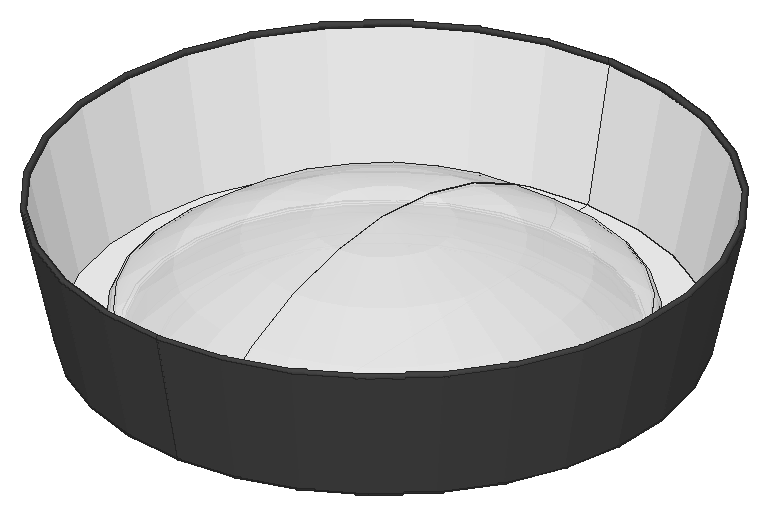
Revit family "AFX_Inc-Duncan-20_In-Ceiling_Light-", category Lighting Fixtures, host Face, Revit 2016
Family settings
  Host = Face
  Part Type = Normal
  Round Connector Dimension = Use Diameter
  Cut with Voids When Loaded = No
  Light Source = Yes
  Shared = No
  Room Calculation Point = No
Parameters (values of type "DUNF - 20DUNF20LAJUDBKGD")
  Wattage Comments = "1 x 40W Integrated LED"
  Wattage = 9.2903 W
  built-in parameter 1150110 = 1 (stored number, unit not read)
  Voltage = 120 V
  URL = "www.afxinc.com"
  Type Comments = "Watson"  # constant formula
  Total Wattage = 40 W
  Total Lumens = 4000
  built-in parameter 1114217 = 1 (stored number, unit not read)
  Tilt Angle = 90.00°
  built-in parameter 1150109 = 1 (stored number, unit not read)
  built-in parameter 1150134 = (empty or 0)
  built-in parameter 1150113 = 1 (stored number, unit not read)
  Shade Finish = AFX - Shade White
  Product Documentation Link = "https://www.afx.lightingnewyork.com/product/afx-duncan-flush-mount-dunf20lajudbkgd.html"
  Emit from Circle Diameter = 19"
  Diffuser Finish = AFX - Diffuser Frosted
  Revit Model Built By = "https://servex-us.com/servex-revit/"
  Photometric Web File = "DUNF - 20DUNF20LAJUDBKGD.IES"
  Model = "DUNF - 20DUNF20LAJUDBKGD"
  Manufacturer = "AFX Inc"  # constant formula
  built-in parameter 1150105 = 510.25 (stored number, unit not read)
  Lumens = 1380 lm
  built-in parameter 1150115 = 1 (stored number, unit not read)
  built-in parameter 1150137 = (empty or 0)
  built-in parameter 1150139 = (empty or 0)
  built-in parameter 1150112 = 1 (stored number, unit not read)
  built-in parameter 1150114 = 1 (stored number, unit not read)
  Lamp = "LED"
  Keynote = "12500"
  built-in parameter 1150132 = (empty or 0)
  built-in parameter 1150102 = (empty or 0)
  built-in parameter 1150107 = 3000 (stored number, unit not read)
  built-in parameter 1150138 = (empty or 0)
  built-in parameter 1150106 = 5.1025 (stored number, unit not read)
  Emit Shape Visible in Rendering = yes
  built-in parameter 1150104 = 13.8 (stored number, unit not read)
  Dimming Lamp Color Temperature Shift = <None>
  Diameter = 20"
  Description = "Duncan 1 Light 20 inch Black and Gold Flush Mount Ceiling Light"
  Depth = 4 119/128"
  Default Elevation = 48"
  Color Rendering Index = 90
  Color Filter = 16777215
  Bulb Category = "LED"
  Body Finish = AFX - Metal Powder Coated Black
  built-in parameter 1114218 = 1 (stored number, unit not read)
  built-in parameter 1150133 = 10 (stored number, unit not read)
  Assembly Code = "E1020300"
  Apparent Load = 0 VA
Types (3): name | Shade Finish | Photometric Web File | Model | Description
  (no name) | AFX - Shade White | "DUNF - 20DUNF20LAJUDBKGD.IES" | "DUNF - 20DUNF20LAJUDBKGD" | "Duncan 1 Light 20 inch Black and Gold Flush Mount Ceiling Light"
  DUNF - 20DUNF20LAJUDBKGD | AFX - Shade White | "DUNF - 20DUNF20LAJUDBKGD.IES" | "DUNF - 20DUNF20LAJUDBKGD" | "Duncan 1 Light 20 inch Black and Gold Flush Mount Ceiling Light"
  DUNF - 20DUNF20LAJUDBKWH | AFX - Shade Gold | "DUNF - 20DUNF20LAJUDBKWH.IES" | "DUNF - 20DUNF20LAJUDBKWH" | "Duncan 1 Light 20 inch Black and White Flush Mount Ceiling Light"
Reference planes (in)
  plane 1 "Center (Front/Back)": y = 0
  plane 2: z = 0
  plane 3 "Center (Left/Right)": x = 7.65592
  plane 4: z = 1.5
Forms (in)
  Revolve 1, solid, material "AFX - Metal Powder Coated Black" <- "Body Finish"
    sketch origin (7.65592, 0, 0) x (0, 1, 0) y (0, 0, 1)
      loop
        arc (8.7161, 0.76509) -> (8.7551, 0.77875) -> (8.77705, 0.81375) r 0.0625
        line (8.77705, 0.81375) -> (9.68844, 4.82737)
        arc (9.68844, 4.82737) -> (9.5622, 4.90704) -> (9.61036, 4.76574) r 0.07916
        line (9.61036, 4.76574) -> (8.7161, 0.82759) -> (6.87798, 0.82759)
        arc (6.87798, 0.82759) -> (6.7896, 0.79098) -> (6.75298, 0.70259) r 0.125
        line (6.75298, 0.70259) -> (6.75298, 0.0625) -> (6.1332, 0.0625) -> (5.98716, 0.18504) -> (0, 0.18504) -> (0, 0.13796) -> (5.94603, 0.13796) -> (6.11045, 0) -> (6.75298, 0)
        arc (6.75298, 0) -> (6.79718, 0.01831) -> (6.81548, 0.0625) r 0.0625
        line (6.81548, 0.0625) -> (6.81548, 0.70259)
        arc (6.81548, 0.70259) -> (6.83379, 0.74679) -> (6.87798, 0.76509) r 0.0625
        line (6.87798, 0.76509) -> (8.7161, 0.76509)
      axis (0, 4.82737) -> (0, 0)
    angle from 0 to 360
  Revolve 2, solid, material "AFX - Shade White" <- "Shade Finish"
    sketch origin (7.65592, 0, 0) x (0, 1, 0) y (0, 0, 1)
      loop
        line (8.7161, 0.82759) -> (9.61036, 4.76574) -> (9.54941, 4.77958) -> (8.6662, 0.89009) -> (6.92486, 0.89009) -> (6.92486, 0.82759) -> (8.7161, 0.82759)
      axis (0, 4.77958) -> (0, 0.82759)
    angle from 0 to 360
  Revolve 3, solid, material "AFX - Diffuser Frosted" <- "Diffuser Finish"
    sketch origin (7.65592, 0, 0) x (0, 1, 0) y (0, 0, 1)
      loop
        arc (7.20111, 1.73416) -> (3.83031, 3.67393) -> (0, 4.34745) r 11.22825
        line (0, 4.34745) -> (0, 4.28495)
        arc (0, 4.28495) -> (3.80899, 3.61518) -> (7.16103, 1.68621) r 11.16575
        arc (7.16103, 1.68621) -> (7.32277, 1.24693) -> (7.02454, 0.88612) r 0.4696
        line (7.02454, 0.88612) -> (7.04646, 0.82759)
        arc (7.04646, 0.82759) -> (7.38438, 1.23642) -> (7.20111, 1.73416) r 0.5321
      axis (0, 4.34745) -> (0, 0.82759)
    angle from 0 to 360
Lines and regions (in)
  symbolic lines
    curve 1: line (-2.73831, 0, 2.21312) -> (-2.75762, 0, 0)
    curve 2: line (2.73831, 0, 2.21312) -> (2.75762, 0, 0)
    curve 3: line (2.70706, 0, 2.24409) -> (-2.70706, 0, 2.24409)
    curve 4: arc (-2.73831, 0, 2.21312) -> (-2.72906, 0, 2.23504) -> (-2.70706, 0, 2.24409) r 0.03125
    curve 5: arc (2.73831, 0, 2.21312) -> (2.72906, 0, 2.23504) -> (2.70706, 0, 2.24409) r 0.03125
    curve 6: line (-2.75762, 0, 0) -> (2.75762, 0, 0)
Dimensions and locks (in)
  locked: plane 4 to plane 2 at 1.5
  aligned and locked: plane 2 to host face
  aligned and locked: level to host face
  aligned and locked: plane 3 "Center (Left/Right)" to imposter light
  aligned and locked: plane 1 "Center (Front/Back)" to imposter light
  aligned and locked: imposter light to plane 4
Connectors (in)
  electrical at (7.65592, 0, 0), driven by "Voltage", driven by "Apparent Load"
    settings: on Revolve 1, index 1, voltage 120 V, apparent load 0 VA, apparent load phase1 0 VA, apparent load phase2 0 VA, apparent load phase3 0 VA, power factor 1, load classification "Lighting", number of poles 1, system type 31, power factor state 1, is connector primary yes, connector utility no, sub classification motor no, connector description ""
